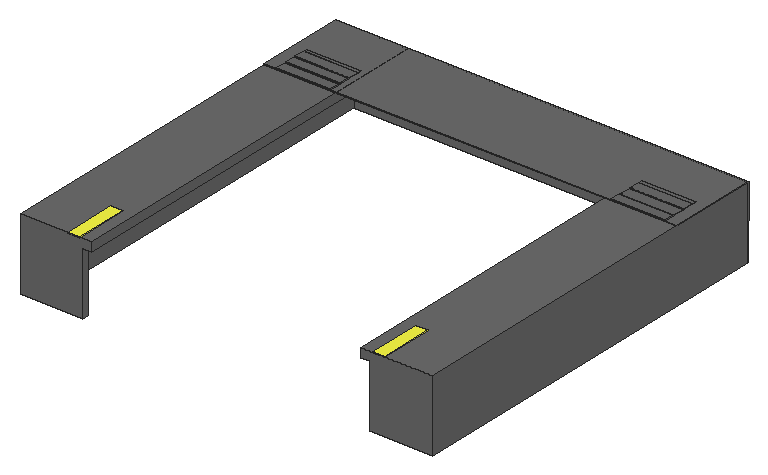
Revit family "DockEquipment_DockSeal_Pentalift_PS-700", category Generic Models, Revit 2026
Family settings
  Can host rebar = No
  Round Connector Dimension = Use Diameter
  Part Type = Normal
  Classification Number = 23.50.70.11
  Work Plane-Based = Yes
  Always vertical = No
  Cut with Voids When Loaded = No
  Maintain Annotation Orientation = No
  Shared = No
  Room Calculation Point = No
Parameters
  offset [instance] = 0' - 10 3/4"
  Warranty Duration (Years) = 0
  Vertical Strip [instance] = yes
  Unit Width [instance] = 11' - 6"
  Unit Height [instance] = 11' - 0"
  Unit Depth_Base [instance] = Unit Depth  # 2' - 0"
  Unit Depth = 2' - 0"
  URL = "http://www.pentalift.com/index.php"
  Strip Length [instance] = if(Full Height Vertical Strips, Unit Height - Drop, 1' 6")  # 1' - 6"
  SteelDepth [instance] = Unit Depth + 0' 4"  # 2' - 4"
  Specification = ""
  SpecWizard = ""
  Send Message = "http://www.arcat.com/users.pl?action=UserEmail&company=Pentalift Equipment Corp.&coid=34752&rep=119&fax=519-763-2894&mf="
  Sales Information = "http://www.pentalift.com/about-us.htm"
  Revision = "R1_01-2012"
  Product Properties = ""
  Product Data = "http://www.arcat.com/arcatcos/cos34/arc34752.html"
  Panel Material = Plastic - Vinyl - Pentalift - Black
  Side Curtain Width [instance] = 2' - 0"
  Full Height Vertical Strips [instance] = no
  Drop [instance] = 2' - 6"
  Model = "As Specified"
  Material = Metal - Steel - Pentalift - Galvanized
  Manufacturer Website = "http://www.pentalift.com/index.php"
  Manufacturer Phone - Toll Free = ""
  Manufacturer Phone = "519-763-3625"
  Manufacturer Fax = "519-763-2894"
  Manufacturer Address = "21 Nicholas Beaver Rd. Guelph, ON, Canada N1H 6H9"
  Manufacturer = "Pentalift Equipment Corp."
  Maintenance Schedule (Months) = 0
  Keynote = "11160"
  Installation-Fabrication = ""
  Installation Phase = ""
  Green Building-LEED = ""
  Expected Lifespan (Years) = 0
  Drawn By = "Sumex Design, Inc. / Robert S. Weygant, CSI, CDT, SCIP"
  Description = "Pentalift Dock Equipment as Specified"
  Default Elevation = 4' - 0"
  Copyright = "©Arcat Inc."
  Construction Details = "http://www.arcat.com/details/pentalif/pentalif.html?coid=34752"
  Clear Width [instance] = 8' - 0"
  Clear Height [instance] = 8' - 0"
  Assembly Code = "E1030300"
Reference planes (in)
  plane 1 "Center (Front/Back)": y = 0
  plane 2 "Bottom": z = 0
  plane 3 "Center (Left/Right)": x = 0
  plane 4 "Front": y = -66
  plane 5 "Back": y = 66
  plane 6 "Left": x = -69
  plane 7 "Right": x = 69
  plane 8 "Top": z = 24
  plane 9: x = -48
  plane 10: x = 48
  plane 11: y = 30
  plane 12: z = 24
  plane 13: y = -66
  plane 14: x = -51
  plane 15: x = 51
  plane 16: y = -18
  plane 17: y = 66
  plane 18: y = 64
  plane 19: y = 64
  plane 20: x = 67
  plane 21: x = -67
  plane 22: x = 45
  plane 23: x = -45
Forms (in)
  Sweep 1, solid, material "Plastic - Vinyl - Pentalift - Yellow", visible <- "Vertical Strip"
    path origin (-51, 53.619, 48) x (0, 1, 0) y (0, 0, 1)
      loop
        line (-101.619, -24) -> (-119.619, -24)
    profile origin (-51, -57, 24) x (0, 0, -1) y (1, 0, 0)
      loop
        line (0, -2) -> (0, 2) -> (-0.0625, 2) -> (-0.0625, -2) -> (0, -2)
  Sweep 2, solid, material "Plastic - Vinyl - Pentalift - Yellow", visible <- "Vertical Strip"
    path origin (51, 53.619, 48) x (0, 1, 0) y (0, 0, 1)
      loop
        line (-101.619, -24) -> (-119.619, -24)
    profile origin (51, -57, 24) x (0, 0, -1) y (1, 0, 0)
      loop
        line (0, -2) -> (0, 2) -> (-0.06267, 2) -> (-0.06267, -2) -> (0, -2)
  Extrusion 3, solid, material "Plastic - Vinyl - Pentalift - Black" <- "Panel Material"
    sketch origin (0, 0, 0) x (1, 0, 0) y (0, 1, 0)
      loop
        line (-63, -66) -> (-48, -66) -> (-48, -64) -> (-63, -64) -> (-63, -66)
      loop
        line (63, -66) -> (63, -64) -> (48, -64) -> (48, -66) -> (63, -66)
    from 0 to 23.75
  Extrusion 4, solid, material "Plastic - Vinyl - Pentalift - Black" <- "Panel Material"
    sketch origin (0, -66, 22.94543) x (0, 0, 1) y (-1, 0, 0)
      loop
        line (-22.94543, 69) -> (-22.94543, 63) -> (-1.94543, 63) -> (-1.94543, 45) -> (1.05457, 45) -> (1.05457, 69) -> (-22.94543, 69)
      loop
        line (-22.94543, -69) -> (1.05457, -69) -> (1.05457, -45) -> (-1.94543, -45) -> (-1.94543, -63) -> (-22.94543, -63) -> (-22.94543, -69)
    from 0 to -132
  Extrusion 5, solid, material "Plastic - Vinyl - Pentalift - Black" <- "Panel Material"
    sketch origin (-69, 16.34522, 48) x (0, 1, 0) y (0, 0, 1)
      loop
        line (19.65478, -24) -> (49.65478, -24) -> (49.65478, -48) -> (49.77978, -48) -> (49.77978, -23.875) -> (19.65478, -23.875) -> (19.65478, -24)
    from 0 to 138
Cuts and joins
  joined: Extrusion 3, Extrusion 4
Lines and regions (in)
  reference lines
    curve 1: line (-51, 66, 24) -> (-51, -66, 24)
    curve 2: line (-51, 36, 24) -> (-67.25, 36, 24)
Dimensions and locks (in)
  equal spacing: plane 6 "Left", plane 3 "Center (Left/Right)", plane 7 "Right"
  "Unit Width": plane 6 "Left" to plane 7 "Right"
  equal spacing: plane 5 "Back", plane 1 "Center (Front/Back)", plane 4 "Front"
  "Unit Height": plane 5 "Back" to plane 4 "Front"
  "Unit Depth": plane 8 "Top" to level
  equal spacing: plane 9, plane 3 "Center (Left/Right)", plane 10
  "Clear Width": plane 9 to plane 10
  "Clear Height": plane 11 to plane 4 "Front"
  "Unit Depth_Base": plane 12 to level
  locked: plane 4 "Front" to plane 13
  locked: plane 22 to plane 15 at 6
  locked: plane 14 to plane 23 at 6
  "Strip Length": Sweep 1 sketch curve to Sweep 1 sketch curve
  equal spacing: plane 11, plane 16, plane 13
  "Strip Length": Sweep 2 sketch curve to Sweep 2 sketch curve
  "Drop": curve 1 to curve 2
  locked: plane 17 to plane 5 "Back"
  locked: plane 19 to plane 18
  locked: plane 5 "Back" to plane 18 at 2
  locked: plane 20 to plane 7 "Right" at 2
  locked: plane 6 "Left" to plane 21 at 2
  locked: curve 1 to Sweep 1 sketch curve
  locked: curve 1 to Sweep 2 sketch curve
  locked: plane 12 to Extrusion 3 at 0.25
  "Side Curtain Width": plane 6 "Left" to plane 23
  "Side Curtain Width": plane 22 to plane 7 "Right"
  equal spacing: plane 21, nested 1, plane 23
  equal spacing: plane 22, nested 2, plane 20
  "Drop": plane 17 to Extrusion 5 sketch curve
  aligned and locked: curve 1 to Sweep 1 sketch curve
  aligned and locked: curve 1 to Sweep 2 sketch curve
  aligned and locked: nested 1 to curve 2
  aligned and locked: nested 2 to curve 2
  aligned and locked: plane 7 "Right" to Extrusion 5
  aligned and locked: plane 17 to cut or joined group of Extrusion 3, Extrusion 4
Automatic sketch dimensions
  Sweep 1 sketch curve to profile plane = 0' - 0"
  Sweep 1 sketch curve to Sweep 1 sketch curve = 0' - 0 1/16"
  Sweep 1 sketch curve to plane 14 = 0' - 2"
  plane 14 to Sweep 1 sketch curve = 0' - 2"
  Sweep 2 sketch curve to profile plane = 0' - 0"
  Sweep 2 sketch curve to Sweep 2 sketch curve = 0' - 0.06267"
  Sweep 2 sketch curve to plane 15 = 0' - 2"
  plane 15 to Sweep 2 sketch curve = 0' - 2"
  curve 1 to plane 12 = 0' - 0"
  curve 1 to plane 13 = 0' - 0"
  curve 1 to plane 5 "Back" = 0' - 0"
  curve 1 to plane 8 "Top" = 0' - 0"
  curve 2 to curve 1 = 0' - 0"
  curve 2 to curve 1 = 1' - 4 1/4"
  Extrusion 4 sketch curve to level = 0' - 0"  (x2)
  Extrusion 4 sketch curve to plane 23 = 0' - 0"
  Extrusion 4 sketch curve to plane 22 = 0' - 0"
  Extrusion 4 sketch curve to plane 7 "Right" = 0' - 0"
  Extrusion 4 sketch curve to plane 8 "Top" = 0' - 0"  (x2)
  Extrusion 4 sketch curve to plane 6 "Left" = 0' - 0"
  Extrusion 4 sketch curve to plane 8 "Top" = 0' - 3"  (x2)
  plane 20 to Extrusion 4 sketch curve = 0' - 4"
  Extrusion 4 sketch curve to plane 21 = 0' - 4"
  Extrusion 3 sketch curve to plane 4 "Front" = 0' - 0"  (x2)
  Extrusion 3 sketch curve to plane 9 = 0' - 0"
  Extrusion 3 sketch curve to plane 10 = 0' - 0"
  plane 4 "Front" to Extrusion 3 sketch curve = 0' - 2"  (x2)
  Extrusion 3 sketch curve to plane 21 = 0' - 4"
  plane 20 to Extrusion 3 sketch curve = 0' - 4"
  Extrusion 5 sketch curve to plane 5 "Back" = 0' - 0"
  Extrusion 5 sketch curve to level = 0' - 0"
  Extrusion 5 sketch curve to plane 8 "Top" = 0' - 0"
  plane 5 "Back" to Extrusion 5 sketch curve = 0' - 0 1/8"
  plane 8 "Top" to Extrusion 5 sketch curve = 0' - 0 1/8"
Nested families (in)
  nested 1: "Seal Flaps" at (-56, 42.9922, 24), Material <- "Panel Material", type "4" Exposure"
    with offset 0' - 0", Unit Width 1' - 6", Unit Height 1' - 0", Striped no, Stripe Material Plastic - Vinyl - Pentalift - Yellow, Material Plastic - Vinyl - Pentalift - Black, Flaps 3, Flaps Visible yes, Exposure 0' - 4"
  nested 2: "Seal Flaps" at (56, 42.9922, 24), Material <- "Panel Material", type "4" Exposure"
    with offset 0' - 0", Unit Width 1' - 6", Unit Height 1' - 0", Striped no, Stripe Material Plastic - Vinyl - Pentalift - Yellow, Material Plastic - Vinyl - Pentalift - Black, Flaps 3, Flaps Visible yes, Exposure 0' - 4"
Definition of nested family "Seal Flaps"
  Parameters
    offset [instance] = 0' - 0"
    Warranty Duration (Years) = 0
    Unit Width [instance] = 1' - 0"
    Unit Height [instance] = 6' - 0"
    Unit Depth = 0' - 4"
    URL = ""
    Striped [instance] = yes
    Stripe Material [instance] = none
    Model = "As Specified"
    Material [instance] = none
    Manufacturer = ""
    Maintenance Schedule (Months) = 0
    Keynote = ""
    Installation Phase = ""
    Flaps Visible = no
    Flaps [instance] = (Unit Height - 0' 1") / Exposure  # 4
    Exposure = 1' - 4"
    Expected Lifespan (Years) = 0
    Description = ""
    Default Elevation = 4' - 0"
    Assembly Code = ""
  Reference planes (in)
    plane 1 "Center (Front/Back)": y = 0
    plane 2 "Bottom": z = 0
    plane 3 "Center (Left/Right)": x = 0
    plane 4 "Front": y = -36
    plane 5 "Back": y = 36
    plane 6 "Left": x = -6
    plane 7 "Right": x = 6
    plane 8 "Top": z = 4
  Dimensions and locks (in)
    equal spacing: plane 6 "Left", plane 3 "Center (Left/Right)", plane 7 "Right"
    "Unit Width": plane 6 "Left" to plane 7 "Right"
    equal spacing: plane 5 "Back", plane 1 "Center (Front/Back)", plane 4 "Front"
    "Unit Height": plane 5 "Back" to plane 4 "Front"
    "Unit Depth": plane 8 "Top" to level
    equal spacing: group 1, group 2, group 3, group 4  (x2)
    equal spacing: group 4, group 3, group 2, group 1
    "Exposure": plane 5 "Back" to nested 2
    aligned and locked: plane 5 "Back" to nested 1
    aligned and locked: plane 3 "Center (Left/Right)" to nested 1
    aligned and locked: plane 3 "Center (Left/Right)" to nested 2
  Nested families (in)
    nested 1: "Seal Flap" at (0, 27, 0), Unit Width <- "Unit Width", Unit Height <- "Exposure", Material <- "Material", visible <- "Flaps Visible", Stripe <- "Striped", Stripe Material <- "Stripe Material", type "Seal Flap"
      with offset 0' - 0", Unit Width 1' - 0", Unit Height 1' - 4", Unit Depth 0' - 0 1/4", Stripe Material none, Stripe yes, Material none
    nested 2: "Seal Flap" at (0, 11, 0), Unit Width <- "Unit Width", Unit Height <- "Exposure", Material <- "Material", visible <- "Flaps Visible", Stripe <- "Striped", Stripe Material <- "Stripe Material", type "Seal Flap"
      with offset 0' - 0", Unit Width 1' - 0", Unit Height 1' - 4", Unit Depth 0' - 0 1/4", Stripe Material none, Stripe yes, Material none
    nested 3: "Seal Flap" at (0, -5, 0), Unit Width <- "Unit Width", Unit Height <- "Exposure", Material <- "Material", visible <- "Flaps Visible", Stripe <- "Striped", Stripe Material <- "Stripe Material", type "Seal Flap"
      with offset 0' - 0", Unit Width 1' - 0", Unit Height 1' - 4", Unit Depth 0' - 0 1/4", Stripe Material none, Stripe yes, Material none
    nested 4: "Seal Flap" at (0, -21, 0), Unit Width <- "Unit Width", Unit Height <- "Exposure", Material <- "Material", visible <- "Flaps Visible", Stripe <- "Striped", Stripe Material <- "Stripe Material", type "Seal Flap"
      with offset 0' - 0", Unit Width 1' - 0", Unit Height 1' - 4", Unit Depth 0' - 0 1/4", Stripe Material none, Stripe yes, Material none
  Definition of nested family "Seal Flap"
    Parameters
      offset [instance] = 0' - 0"
      Warranty Duration (Years) = 0
      Unit Width [instance] = 1' - 0"
      Unit Height [instance] = 0' - 4"
      Unit Depth [instance] = 0' - 0 1/4"  # constant formula
      URL = "http://www.supersealmfg.com/"
      Stripe Material [instance] = none
      Stripe [instance] = yes
      Specification = ""
      SpecWizard = ""
      Send Message = "http://www.arcat.com/users.pl?action=UserEmail&company=Super-Seal%20Mfg.%20Ltd&coid=44693&rep=119&fax=905-850-4440 &mf="
      Sales Information = "http://www.supersealmfg.com/ContactUs.htm"
      Revision = "R1_07-2011"
      Product Properties = ""
      Product Data = "http://arcat.com/arcatcos/cos44/arc44693.html?isac=1&r=1"
      Model = "As Specified"
      Material [instance] = none
      Manufacturer Website = "http://www.supersealmfg.com/"
      Manufacturer Phone - Toll Free = "800-337-3239 "
      Manufacturer Phone = "800-337-3239 "
      Manufacturer Fax = "905-850-4440 "
      Manufacturer Address = "670 Rowntree Dairy Rd. Woodbridge , ON, Canada L4L-5T8"
      Manufacturer = "Super-Seal Mfg. Ltd"
      Maintenance Schedule (Months) = 0
      Keynote = ""
      Installation-Fabrication = ""
      Installation Phase = ""
      Green Building-LEED = ""
      Expected Lifespan (Years) = 0
      Drawn By = "Sumex Design, Inc. / Robert S. Weygant, CSI, CDT, SCIP"
      Description = "Super Seal"
      Default Elevation = 0' - 0"
      Copyright = "©Arcat Inc."
      Construction Details = "http://arcat.com/details/supersea/supersea.html?coid=44693"
      Assembly Code = ""
    Reference planes (in)
      plane 1 "Center (Front/Back)": y = 0
      plane 2 "Bottom": z = 0
      plane 3 "Center (Left/Right)": x = 0
      plane 4 "Front": y = -2
      plane 5 "Back": y = 2
      plane 6 "Left": x = -6
      plane 7 "Right": x = 6
      plane 8 "Top": z = 0.25
    Forms (in)
      Sweep 1, solid, material <- "Material"
        path origin (0, 0, 0) x (0, 1, 0) y (0, 0, 1)
          loop
            line (-2, 0.25) -> (2, 0) -> (3, 0)
        profile origin (0, 0, 0.125) x (0, 0.062378, 0.998053) y (1, 0, 0)
          loop
            line (0, -6) -> (0.125, -6) -> (0.125, 6) -> (0, 6) -> (0, -6)
      Sweep 2, solid, material <- "Stripe Material", visible <- "Stripe"
        path origin (0, 0, 0) x (0, 1, 0) y (0, 0, 1)
          loop
            line (-2, 0.25) -> (2, 0) -> (3, 0)
        profile origin (0, 0, 0.125) x (0, 0.062378, 0.998053) y (1, 0, 0)
          loop
            line (0.1875, -2) -> (0.1875, 2) -> (0.125, 2) -> (0.125, -2) -> (0.1875, -2)
    Dimensions and locks (in)
      equal spacing: plane 6 "Left", plane 3 "Center (Left/Right)", plane 7 "Right"
      "Unit Width": plane 6 "Left" to plane 7 "Right"
      equal spacing: plane 5 "Back", plane 1 "Center (Front/Back)", plane 4 "Front"
      "Unit Height": plane 5 "Back" to plane 4 "Front"
      "Unit Depth": plane 8 "Top" to level
      aligned and locked: plane 7 "Right" to Sweep 1 sketch curve
      aligned and locked: Sweep 1 sketch curve to plane 6 "Left"
    Automatic sketch dimensions
      Sweep 1 sketch curve to plane 4 "Front" = 0' - 0"
      Sweep 1 sketch curve to level = 0' - 0"
      Sweep 1 sketch curve to plane 5 "Back" = 0' - 0"
      Sweep 1 sketch curve to plane 8 "Top" = 0' - 0"
      plane 5 "Back" to Sweep 1 sketch curve = 0' - 1"
      Sweep 1 sketch curve to profile plane = 0' - 0"
      Sweep 1 sketch curve to profile plane = 0' - 0 1/8"
      Sweep 2 sketch curve to plane 4 "Front" = 0' - 0"
      Sweep 2 sketch curve to level = 0' - 0"
      Sweep 2 sketch curve to plane 5 "Back" = 0' - 0"
      Sweep 2 sketch curve to plane 8 "Top" = 0' - 0"
      Sweep 2 sketch curve to Sweep 2 sketch curve = 0' - 1"
      Sweep 2 sketch curve to profile plane = 0' - 0 1/8"
      Sweep 2 sketch curve to Sweep 2 sketch curve = 0' - 0 1/16"
      Sweep 2 sketch curve to plane 3 "Center (Left/Right)" = 0' - 2"
      plane 3 "Center (Left/Right)" to Sweep 2 sketch curve = 0' - 2"
